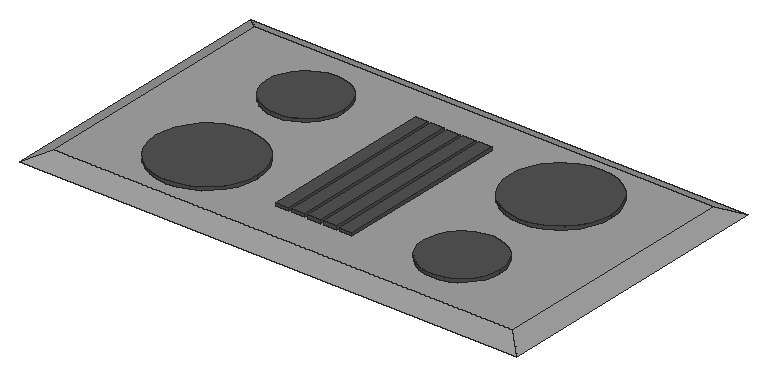
Revit family
Parameters (values of type "0915 x 500mm")
  Burner Material = Metal - Chrome
  Cooktop Material = Metal - Steel, Polished
  Depth = 500.00 mm
  Width = 915.00 mm
  Assembly Code = ""
Types (3, lengths in mm): name | Depth | Width
  0915 x 500mm | 500.00 | 915.00
  1000 x 525mm | 525.00 | 1000.00
  1050 x 560mm | 560.00 | 1050.00
Reference planes
  plane 1 "Center (Front/Back)": y = 0
  plane 2: z = 900
  plane 3 "Center (Left/Right)": x = 0
  plane 4: x = -457.5
  plane 5: x = 457.5
  plane 6: y = 250
  plane 7: y = -250
  plane 8: y = 123
  plane 9: y = -123
  plane 10: x = -254.3
  plane 11: x = 254.3
Forms (mm)
  Blend 1, solid, material "Metal - Steel, Polished" <- "Cooktop Material"
    base sketch origin (0, 0, 0) x (1, 0, 0) y (0, 1, 0)
      loop
        line (-495.6, 288.1) -> (-495.6, -288.1) -> (495.6, -288.1) -> (495.6, 288.1) -> (-495.6, 288.1)
    top sketch origin (0, 0, 0) x (1, 0, 0) y (0, 1, 0)
      loop
        line (-457.5, 250) -> (-457.5, -250) -> (457.5, -250) -> (457.5, 250) -> (-457.5, 250)
    from 900 to 918
  Extrusion 2, solid, material "Metal - Chrome" <- "Burner Material"
    sketch origin (0, 0, 918) x (-1, 0, 0) y (0, -1, 0)
      loop
        circle (254.3, -123) r 76.587
      loop
        circle (-254.3, -123) r 101.6
      loop
        circle (-254.3, 123) r 76.2
      loop
        line (76.2, -173.8) -> (76.2, 173.8) -> (50.8, 173.8) -> (50.8, -173.8) -> (76.2, -173.8)
      loop
        line (44.45, -173.8) -> (44.45, 173.8) -> (19.05, 173.8) -> (19.05, -173.8) -> (44.45, -173.8)
      loop
        line (12.7, -173.8) -> (12.7, 173.8) -> (-12.7, 173.8) -> (-12.7, -173.8) -> (12.7, -173.8)
      loop
        line (-19.05, -173.8) -> (-19.05, 173.8) -> (-44.45, 173.8) -> (-44.45, -173.8) -> (-19.05, -173.8)
      loop
        line (-50.8, -173.8) -> (-50.8, 173.8) -> (-76.2, 173.8) -> (-76.2, -173.8) -> (-50.8, -173.8)
    from 0 to 6.35
  Extrusion 3, solid, material "Metal - Chrome" <- "Burner Material"
    sketch origin (0, 0, 918) x (-1, 0, 0) y (0, -1, 0)
      loop
        circle (254.3, 123) r 101.6
    from 0 to 6.35
Lines and regions (mm)
  symbolic lines, style "SpecialityEquipment"
    curve 1: line (-495.6, 288.1, 0) -> (495.6, 288.1, 0)
    curve 2: line (-495.6, -288.1, 0) -> (-495.6, 288.1, 0)
    curve 3: line (495.6, -288.1, 0) -> (-495.6, -288.1, 0)
    curve 4: line (495.6, 288.1, 0) -> (495.6, -288.1, 0)
    curve 5: line (-457.5, 250, 0) -> (457.5, 250, 0)
    curve 6: line (-457.5, -250, 0) -> (-457.5, 250, 0)
    curve 7: line (457.5, -250, 0) -> (-457.5, -250, 0)
    curve 8: line (457.5, 250, 0) -> (457.5, -250, 0)
    curve 9: line (-203.5, 123, 0) -> (-152.7, 123, 0)
    curve 10: line (-305.1, 123, 0) -> (-355.9, 123, 0)
    curve 11: line (-254.3, 173.8, 0) -> (-254.3, 224.6, 0)
    curve 12: arc (-177.713, 123, 0) -> (-254.3, 199.587, 0) -> (-330.887, 123, 0) r 76.587
    curve 13: arc (-330.887, 123, 0) -> (-254.3, 46.413, 0) -> (-177.713, 123, 0) r 76.587
    curve 14: arc (-152.7, -123, 0) -> (-254.3, -21.4, 0) -> (-355.9, -123, 0) r 101.6
    curve 15: arc (-355.9, -123, 0) -> (-254.3, -224.6, 0) -> (-152.7, -123, 0) r 101.6
    curve 16: line (-305.1, -123, 0) -> (-381.3, -123, 0)
    curve 17: line (-254.3, -173.8, 0) -> (-254.3, -250, 0)
    curve 18: line (305.1, -123, 0) -> (355.9, -123, 0)
    curve 19: line (254.3, -173.8, 0) -> (254.3, -224.6, 0)
    curve 20: line (-76.2, 173.8, 0) -> (76.2, 173.8, 0)
    curve 21: line (-76.2, -173.8, 0) -> (-76.2, 173.8, 0)
    curve 22: line (76.2, -173.8, 0) -> (-76.2, -173.8, 0)
    curve 23: line (76.2, 173.8, 0) -> (76.2, -173.8, 0)
    curve 24: line (-50.8, -173.8, 0) -> (-50.8, 173.8, 0)
    curve 25: line (-19.05, -173.8, 0) -> (-19.05, 173.8, 0)
    curve 26: line (12.7, -173.8, 0) -> (12.7, 173.8, 0)
    curve 27: line (44.45, -173.8, 0) -> (44.45, 173.8, 0)
    curve 28: line (50.8, 173.8, 0) -> (50.8, -173.8, 0)
    curve 29: line (19.05, 173.8, 0) -> (19.05, -173.8, 0)
    curve 30: line (-12.7, 173.8, 0) -> (-12.7, -173.8, 0)
    curve 31: line (-44.45, 173.8, 0) -> (-44.45, -173.8, 0)
    curve 32: arc (254.3, -46.8, 0) -> (330.5, -123, 0) -> (254.3, -199.2, 0) r 76.2
    curve 33: arc (254.3, -46.8, 0) -> (178.1, -123, 0) -> (254.3, -199.2, 0) r 76.2
    curve 34: arc (355.9, 123, 0) -> (254.3, 224.6, 0) -> (152.7, 123, 0) r 101.6
    curve 35: arc (152.7, 123, 0) -> (254.3, 21.4, 0) -> (355.9, 123, 0) r 101.6
    curve 36: line (-254.3, 72.2, 0) -> (-254.3, 21.4, 0)
    curve 37: line (178.1, 123, 0) -> (101.9, 123, 0)
    curve 38: line (203.5, -123, 0) -> (127.3, -123, 0)
    curve 39: line (-203.5, -123, 0) -> (-127.3, -123, 0)
    curve 40: line (-254.3, -72.2, 0) -> (-254.3, 4, 0)
    curve 41: line (254.3, -72.2, 0) -> (254.3, -21.4, 0)
    curve 42: line (254.3, 72.2, 0) -> (254.3, -4, 0)
    curve 43: line (254.3, 173.8, 0) -> (254.3, 250, 0)
    curve 44: line (305.1, 123, 0) -> (381.3, 123, 0)
Dimensions and locks
  "Width": plane 4 to plane 5
  equal spacing: plane 7, plane 1 "Center (Front/Back)", plane 6
  equal spacing: plane 4, plane 3 "Center (Left/Right)", plane 5
  "Depth": plane 7 to plane 6
  plane 7 to Blend 1 sketch curve = 38.10 mm
  plane 4 to plane 10 = 203.20 mm
  plane 11 to plane 5 = 203.20 mm
  plane 8 to plane 6 = 127.00 mm
  plane 7 to plane 9 = 127.00 mm
  curve 21 to curve 23 = 152.40 mm
Automatic sketch dimensions
  plane 4 to Blend 1 sketch curve = 38.10 mm
  Blend 1 sketch curve to plane 5 = 38.10 mm
  Blend 1 sketch curve to plane 6 = 38.10 mm
  Blend 1 sketch curve to plane 4 = 0.00 mm
  Blend 1 sketch curve to plane 5 = 0.00 mm
  Blend 1 sketch curve to plane 7 = 0.00 mm
  Blend 1 sketch curve to plane 6 = 0.00 mm
  Extrusion 2 sketch curve to plane 8 = 0.00 mm  (x2)
  Extrusion 2 sketch curve to plane 9 = 0.00 mm
  Extrusion 2 sketch curve to plane 11 = 0.00 mm  (x2)
  Extrusion 2 sketch curve to plane 10 = 0.00 mm
  Extrusion 2 sketch curve to Extrusion 2 sketch curve = 76.20 mm
  plane 5 to Extrusion 2 sketch curve = 101.60 mm
  plane 3 "Center (Left/Right)" to Extrusion 2 sketch curve = 76.20 mm
  Extrusion 2 sketch curve to Extrusion 2 sketch curve = 25.40 mm  (x3)
  Extrusion 2 sketch curve to Extrusion 2 sketch curve = 6.35 mm  (x4)
  plane 3 "Center (Left/Right)" to Extrusion 2 sketch curve = 19.05 mm
  Extrusion 2 sketch curve to plane 3 "Center (Left/Right)" = 12.70 mm
  Extrusion 2 sketch curve to Extrusion 2 sketch curve = 76.587 mm
  Extrusion 2 sketch curve to plane 8 = 50.80 mm  (x2)
  Extrusion 2 sketch curve to Extrusion 2 sketch curve = 0.00 mm  (x7)
  plane 9 to Extrusion 2 sketch curve = 50.80 mm
  Extrusion 3 sketch curve to plane 9 = 0.00 mm
  Extrusion 3 sketch curve to plane 10 = 0.00 mm
  Extrusion 3 sketch curve to Extrusion 3 sketch curve = 101.60 mm
  curve 7 to plane 4 = 0.00 mm
  curve 16 to plane 9 = 0.00 mm
  curve 15 to plane 9 = 0.00 mm
  curve 10 to plane 8 = 0.00 mm
  curve 40 to plane 10 = 0.00 mm
  curve 36 to plane 10 = 0.00 mm
  curve 11 to plane 10 = 0.00 mm
  curve 12 to plane 10 = 0.00 mm
  curve 15 to plane 10 = 0.00 mm
  curve 17 to plane 10 = 0.00 mm
  curve 13 to plane 10 = 0.00 mm
  curve 39 to plane 9 = 0.00 mm
  curve 37 to plane 8 = 0.00 mm
  curve 38 to plane 9 = 0.00 mm
  curve 35 to plane 8 = 0.00 mm
  curve 19 to plane 11 = 0.00 mm
  curve 34 to plane 11 = 0.00 mm
  curve 42 to plane 11 = 0.00 mm
  curve 41 to plane 11 = 0.00 mm
  curve 43 to plane 6 = 0.00 mm
  curve 43 to plane 11 = 0.00 mm
  curve 18 to plane 9 = 0.00 mm
  curve 44 to plane 8 = 0.00 mm
  curve 8 to plane 5 = 0.00 mm
  curve 6 to plane 7 = 0.00 mm
  curve 32 to plane 9 = 0.00 mm
  curve 33 to plane 9 = 0.00 mm
  plane 4 to curve 3 = 38.10 mm
  curve 16 to plane 4 = 76.20 mm
  curve 16 to curve 15 = 25.40 mm
  curve 10 to curve 13 = 101.60 mm
  curve 10 to curve 13 = 25.013 mm
  curve 12 to curve 13 = 0.00 mm
  plane 10 to curve 16 = 50.80 mm
  curve 12 to curve 10 = 25.787 mm
  curve 14 to curve 39 = 50.80 mm
  curve 9 to curve 13 = 25.787 mm
  curve 12 to curve 9 = 25.013 mm
  curve 15 to curve 39 = 25.40 mm
  curve 22 to plane 3 "Center (Left/Right)" = 76.20 mm
  curve 22 to curve 24 = 25.40 mm
  curve 24 to curve 31 = 6.35 mm
  curve 25 to plane 3 "Center (Left/Right)" = 19.05 mm
  curve 25 to curve 30 = 6.35 mm
  plane 3 "Center (Left/Right)" to curve 26 = 12.70 mm
  curve 26 to curve 29 = 6.35 mm
  curve 29 to curve 27 = 25.40 mm
  curve 27 to curve 28 = 6.35 mm
  curve 37 to curve 34 = 152.40 mm
  plane 11 to curve 38 = 127.00 mm
  curve 37 to curve 35 = 50.80 mm
  curve 35 to curve 37 = 25.40 mm
  plane 11 to curve 38 = 50.80 mm
  curve 32 to curve 18 = 50.80 mm
  curve 44 to curve 34 = 50.80 mm
  curve 18 to curve 18 = 50.80 mm
  curve 34 to curve 44 = 25.40 mm
  curve 3 to plane 5 = 38.10 mm
  plane 7 to curve 4 = 38.10 mm
  curve 19 to plane 7 = 25.40 mm
  curve 19 to curve 33 = 25.40 mm
  curve 22 to curve 38 = 50.80 mm
  curve 17 to curve 14 = 50.80 mm
  curve 33 to curve 19 = 25.40 mm
  curve 40 to plane 9 = 50.80 mm
  curve 41 to curve 32 = 25.40 mm
  curve 33 to curve 41 = 25.40 mm
  curve 40 to curve 40 = 76.20 mm
  plane 8 to curve 42 = 127.00 mm
  curve 36 to curve 12 = 101.60 mm
  curve 36 to curve 12 = 50.80 mm
  plane 8 to curve 42 = 50.80 mm
  curve 37 to curve 28 = 50.80 mm
  curve 11 to plane 8 = 50.80 mm
  curve 34 to curve 43 = 50.80 mm
  plane 6 to curve 11 = 25.40 mm
  curve 1 to plane 6 = 38.10 mm
